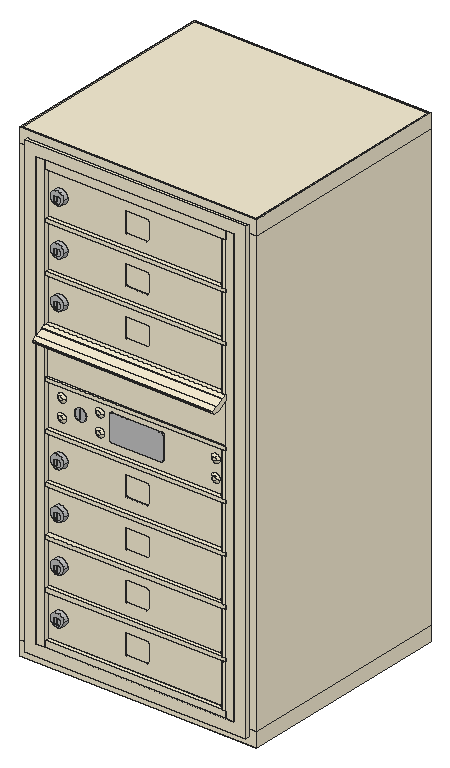
Revit family "Mailboxes_4C-Salsbury_Industries-Surface_Mounted-9_Door_High_Units", category Specialty Equipment, Revit 2016
Family settings
  Part Type = Normal
  Round Connector Dimension = Use Diameter
  OmniClass Number = 23.40.90.14.11
  OmniClass Title = Mail Boxes
  Work Plane-Based = No
  Always vertical = Yes
  Cut with Voids When Loaded = No
  Shared = No
  Room Calculation Point = No
Parameters (values of type "3809S-07")
  Width = 17.496"
  Visible Door Number [instance] = yes
  Version = "1.0 (06/30/17)"
  URL = "www.mailboxes.com"
  Type Comments = "Surface Mounted 4C Horizontal Mailboxes - Front Loading"
  OmniClass 23 Title = "Mail Boxes"
  OmniClass 23 Number = "23.40.90.14.11"
  Model = "3809S-07"
  MasterFormat Title = "Postal Specialties"
  MasterFormat Number = "10 55 00"
  Manufacturer = "Salsbury Industries"
  Lock Material = Stainless Steel - Salsbury Finish -  Polished
  Height = 35.094"
  Front Panel Material [instance] = Paint - Salsbury Finish - Sandstone
  Door Slot R9 Number [instance] = "7"
  Door Slot R8 Number [instance] = "6"
  Door Slot R7 Number [instance] = "5"
  Door Slot R6 Number [instance] = "4"
  Door Slot R5 Number [instance] = "0"
  Door Slot R4 Number [instance] = "0"
  Door Slot R3 Number [instance] = "3"
  Door Slot R2 Number [instance] = "2"
  Door Slot R1 Number [instance] = "1"
  Door Slot L9 Number [instance] = "0"
  Door Slot L8 Number [instance] = "0"
  Door Slot L7 Number [instance] = "0"
  Door Slot L6 Number [instance] = "0"
  Door Slot L5 Number [instance] = "0"
  Door Slot L4 Number [instance] = "0"
  Door Slot L3 Number [instance] = "0"
  Door Slot L2 Number [instance] = "0"
  Door Slot L1 Number [instance] = "0"
  Description = "9 Door High Unit:  7 MB1, OM2"
  Depth = 17.500"
  Assembly Description = "Mailboxes"
  Assembly Code = "C1030910"
  Above Finished Floor (Top of Bottom Shelf) [instance] = [Above Finished Floor (Bottom of Unit)] + 1.880"  # 28.000"
  Above Finished Floor (Bottom of Unit) = 26.120"
  4C Unit Height = 34.000"
  4C Unit Elevation = if([Above Finished Floor (Bottom of Unit)] < 13.683", [Above Finished Floor (Bottom of Unit)] + 0.563", (if([Above Finished Floor (Bottom of Unit)] > 13.683", [Above Finished Floor (Bottom of Unit)] + 0.563", [Above Finished Floor (Bottom of Unit)])))  # 26.683"
  4C Unit = Mailboxes_4C-Salsbury_Industries-Front_Load-9_Door_High_Units : 3709S-07 FL
Reference planes (in)
  plane 1 "Center (Front/Back)": y = 0
  plane 2 "Floor": z = 0
  plane 3 "Center (Left/Right)": x = 0
  plane 4 "Left Side of Unit": x = 8.748
  plane 5 "Right Side of Unit": x = -8.748
  plane 6 "Front of Unit": y = -8.75
  plane 7 "Back of Unit": y = 8.75
  plane 8 "Top of Unit": z = 61.214
  plane 9 "Top Trim Line of 4C Unit": z = 60.683
  plane 10 "Left Trim Line of Enclosure": x = 7.6855
  plane 11 "Right Trim Line of Enclosure": x = -7.685
  plane 12 "Alignment of 4C Unit": y = -7.375
  plane 13: x = -8.667
  plane 14: x = 8.667
  plane 15: y = 8.669
  plane 16: y = -7.294
  plane 17: x = -8.667
  plane 18: x = 8.667
  plane 19: y = -7.294
  plane 20: y = 8.669
  plane 21: x = -8.667
  plane 22: x = 8.667
  plane 23: y = 8.669
  plane 24: y = -7.294
  plane 25 "Bottom Trim Line of 4C Unit": z = 26.683
  plane 26 "4C Unit Side Alignment": x = -8.186
  plane 27: z = 26.201
  plane 28 "Bottom of Unit": z = 26.12
  plane 29 "Top of Bottom Cap": z = 27.183
  plane 30 "AFF": z = 28
  plane 31: z = 61.133
  plane 32 "Bottom of Top Cap": z = 60.152
Forms (in)
  Extrusion 1, solid, material "Paint - Salsbury Finish - Sandstone" <- "Front Panel Material"
    sketch origin (0, 0, 1.5) x (0, 1, 0) y (-1, 0, 0)
      loop
        line (-7.375, 7.685) -> (-7.294, 7.685) -> (-7.294, 8.667) -> (8.669, 8.667) -> (8.669, -8.667) -> (-7.294, -8.667) -> (-7.294, -7.6855) -> (-7.375, -7.6855) -> (-7.375, -8.748) -> (8.75, -8.748) -> (8.75, 8.748) -> (-7.375, 8.748) -> (-7.375, 7.685)
    from 25.683 to 58.652
  Extrusion 2, solid, material "Paint - Salsbury Finish - Sandstone" <- "Front Panel Material"
    sketch origin (0, 0, 26.12) x (0, -1, 0) y (1, 0, 0)
      loop
        line (-8.75, -8.748) -> (7.375, -8.748) -> (7.375, 8.748) -> (-8.75, 8.748) -> (-8.75, -8.748)
      loop
        line (-8.669, -8.667) -> (7.294, -8.667) -> (7.294, 8.667) -> (-8.669, 8.667) -> (-8.669, -8.667)
    from 0 to 1.063
  Extrusion 3, solid, material "Paint - Salsbury Finish - Sandstone" <- "Front Panel Material"
    sketch origin (0, 0, 26.12) x (0, -1, 0) y (1, 0, 0)
      loop
        line (-8.669, -8.667) -> (7.294, -8.667) -> (7.294, 8.667) -> (-8.669, 8.667) -> (-8.669, -8.667)
    from 0 to 0.081
  Extrusion 4, solid, material "Paint - Salsbury Finish - Sandstone" <- "Front Panel Material"
    sketch origin (0, 0, 61.214) x (0, -1, 0) y (1, 0, 0)
      loop
        line (-8.669, -8.667) -> (7.294, -8.667) -> (7.294, 8.667) -> (-8.669, 8.667) -> (-8.669, -8.667)
    from -0.081 to 0
  Extrusion 5, solid, material "Paint - Salsbury Finish - Sandstone" <- "Front Panel Material"
    sketch origin (0, 0, 60.152) x (0, -1, 0) y (1, 0, 0)
      loop
        line (-8.75, -8.748) -> (7.375, -8.748) -> (7.375, 8.748) -> (-8.75, 8.748) -> (-8.75, -8.748)
      loop
        line (-8.669, -8.667) -> (7.294, -8.667) -> (7.294, 8.667) -> (-8.669, 8.667) -> (-8.669, -8.667)
    from 0 to 1.062
Lines and regions (in)
  symbolic lines
    curve 1: line (-8.748, 8.75, 0) -> (8.748, 8.75, 0)
    curve 2: line (-8.748, -7.375, 0) -> (-8.748, 8.75, 0)
    curve 3: line (8.748, -7.375, 0) -> (-8.748, -7.375, 0)
    curve 4: line (8.748, 8.75, 0) -> (8.748, -7.375, 0)
    curve 5: line (0, -7.375, 60.68373) -> (0, 8.75, 60.68373)
    curve 6: line (0, -7.375, 27.183) -> (0, 8.75, 27.183)
    curve 7: line (0, 8.75, 46.76571) -> (0, 8.75, 60.68373)
    curve 8: arc (0, 8.75, 46.76571) -> (0, 8.72754, 46.83373) -> (0, 8.669, 46.875) r 0.11423
    curve 9: line (-8.748, 0, 61.214) -> (8.748, 0, 61.214)
    curve 10: line (-8.748, 0, 26.12) -> (-8.748, 0, 61.214)
    curve 11: line (8.748, 0, 26.12) -> (-8.748, 0, 26.12)
    curve 12: line (8.748, 0, 61.214) -> (8.748, 0, 26.12)
    curve 13: line (0, -7.375, 61.214) -> (0, 8.75, 61.214)
    curve 14: line (0, -7.375, 26.12) -> (0, -7.375, 61.214)
    curve 15: line (0, 8.75, 26.12) -> (0, -7.375, 26.12)
    curve 16: line (0, 8.75, 61.214) -> (0, 8.75, 26.12)
Dimensions and locks (in)
  equal spacing: plane 6 "Front of Unit", plane 1 "Center (Front/Back)", plane 7 "Back of Unit"
  "Depth": plane 6 "Front of Unit" to plane 7 "Back of Unit"
  equal spacing: plane 5 "Right Side of Unit", plane 3 "Center (Left/Right)", plane 4 "Left Side of Unit"
  "Width": plane 5 "Right Side of Unit" to plane 4 "Left Side of Unit"
  plane 2 "Floor" to plane 8 "Top of Unit" = 61.214"  (x2)
  locked: plane 5 "Right Side of Unit" to plane 11 "Right Trim Line of Enclosure" at 1.063
  locked: plane 10 "Left Trim Line of Enclosure" to plane 4 "Left Side of Unit" at 1.0625
  plane 9 "Top Trim Line of 4C Unit" to plane 8 "Top of Unit" = 0.531"  (x2)
  plane 6 "Front of Unit" to plane 12 "Alignment of 4C Unit" = 1.375"
  plane 5 "Right Side of Unit" to plane 13 = 0.081"
  plane 15 to plane 7 "Back of Unit" = 0.081"
  plane 14 to plane 4 "Left Side of Unit" = 0.081"
  plane 12 "Alignment of 4C Unit" to plane 16 = 0.081"
  plane 20 to plane 7 "Back of Unit" = 0.081"
  plane 5 "Right Side of Unit" to plane 17 = 0.081"
  plane 18 to plane 4 "Left Side of Unit" = 0.081"
  plane 12 "Alignment of 4C Unit" to plane 19 = 0.081"
  plane 12 "Alignment of 4C Unit" to plane 24 = 0.081"
  plane 22 to plane 4 "Left Side of Unit" = 0.081"
  plane 5 "Right Side of Unit" to plane 21 = 0.081"
  plane 23 to plane 7 "Back of Unit" = 0.081"
  "Height": plane 8 "Top of Unit" to plane 28 "Bottom of Unit"
  "4C Unit Height": plane 9 "Top Trim Line of 4C Unit" to plane 25 "Bottom Trim Line of 4C Unit"
  plane 29 "Top of Bottom Cap" to plane 25 "Bottom Trim Line of 4C Unit" to plane 27 to plane 28 "Bottom of Unit" = 0.500", 0.482", 0.081" locked
  "Above Finished Floor (Bottom of Unit)": plane 28 "Bottom of Unit" to plane 2 "Floor"
  "Above Finished Floor (Top of Bottom Shelf)": plane 30 "AFF" to plane 2 "Floor"
  plane 8 "Top of Unit" to plane 31 to plane 9 "Top Trim Line of 4C Unit" to plane 32 "Bottom of Top Cap" = 0.081", 0.450", 0.531"
  plane 5 "Right Side of Unit" to plane 26 "4C Unit Side Alignment" = 0.562"
  aligned and locked: level to plane 2 "Floor"
  aligned and locked: Extrusion 2 sketch curve to Extrusion 1  (x4)
  aligned and locked: Extrusion 3 sketch curve to Extrusion 1  (x3)
  aligned and locked: plane 11 "Right Trim Line of Enclosure" to Extrusion 1 sketch curve
  aligned and locked: Extrusion 1 sketch curve to plane 16
  aligned and locked: Extrusion 1 sketch curve to plane 12 "Alignment of 4C Unit"  (x2)
  aligned and locked: Extrusion 1 sketch curve to plane 5 "Right Side of Unit"
  aligned and locked: plane 13 to Extrusion 1 sketch curve
  aligned and locked: Extrusion 1 sketch curve to plane 15
  aligned and locked: plane 7 "Back of Unit" to Extrusion 1 sketch curve
  aligned and locked: plane 4 "Left Side of Unit" to Extrusion 1 sketch curve
  aligned and locked: Extrusion 1 sketch curve to plane 14
  aligned and locked: plane 16 to Extrusion 1 sketch curve
  aligned and locked: plane 10 "Left Trim Line of Enclosure" to Extrusion 1 sketch curve
  aligned and locked: plane 18 to Extrusion 2 sketch curve
  aligned and locked: Extrusion 2 sketch curve to plane 17
  aligned and locked: plane 20 to Extrusion 2 sketch curve
  aligned and locked: curve 1 to Extrusion 1
  aligned and locked: curve 2 to Extrusion 1
  aligned and locked: curve 4 to Extrusion 1
  aligned and locked: plane 12 "Alignment of 4C Unit" to Extrusion 1
  aligned and locked: Extrusion 1 to curve 6
  aligned and locked: plane 7 "Back of Unit" to curve 6
  aligned and locked: plane 12 "Alignment of 4C Unit" to curve 6
  aligned and locked: plane 28 "Bottom of Unit" to Extrusion 3
  aligned and locked: Extrusion 2 to Extrusion 3
  aligned and locked: Extrusion 2 to plane 29 "Top of Bottom Cap"
  aligned and locked: Extrusion 3 to plane 27
  aligned and locked: Extrusion 1 to Extrusion 2
  aligned and locked: Extrusion 4 to plane 8 "Top of Unit"
  aligned and locked: plane 31 to Extrusion 4
  aligned and locked: Extrusion 1 to Extrusion 4
  aligned and locked: plane 21 to Extrusion 4
  aligned and locked: Extrusion 1 to plane 32 "Bottom of Top Cap"
  aligned and locked: Extrusion 5 sketch curve to Extrusion 1  (x6)
  aligned and locked: Extrusion 5 sketch curve to Extrusion 2  (x2)
  aligned and locked: Extrusion 5 to plane 8 "Top of Unit"
  aligned and locked: Extrusion 5 to Extrusion 1
  aligned and locked: plane 4 "Left Side of Unit" to curve 12
  aligned and locked: curve 11 to plane 28 "Bottom of Unit"
  aligned and locked: curve 10 to plane 5 "Right Side of Unit"
  aligned and locked: plane 8 "Top of Unit" to curve 9
  aligned and locked: plane 7 "Back of Unit" to curve 16
  aligned and locked: curve 15 to plane 28 "Bottom of Unit"
  aligned and locked: plane 8 "Top of Unit" to curve 13
  aligned and locked: curve 14 to plane 12 "Alignment of 4C Unit"
  aligned and locked: plane 26 "4C Unit Side Alignment" to nested 1
Automatic sketch dimensions
  plane 12 "Alignment of 4C Unit" to curve 3 = 0.000"
  plane 24 to Extrusion 3 sketch curve = 0.000"
  Extrusion 4 sketch curve to plane 22 = 0.000"
  plane 23 to Extrusion 4 sketch curve = 0.000"
  Extrusion 4 sketch curve to plane 21 = 0.000"
  plane 24 to Extrusion 4 sketch curve = 0.000"
  plane 19 to Extrusion 2 sketch curve = 0.000"
  curve 8 to plane 23 = 0.000"
  curve 8 to plane 7 "Back of Unit" = 0.000"
  plane 23 to curve 8 = 0.03323"
  plane 32 "Bottom of Top Cap" to curve 8 = 13.38629"
  curve 5 to plane 9 "Top Trim Line of 4C Unit" = 0.00073"
Nested families (in)
  nested 1: "Mailboxes_4C-Salsbury_Industries-Front_Load-9_Door_High_Units" at (7.36283, -7.375, 0) x (-1, 0, 0) z (0, 0, 1), built-in parameter 1001360 <- "4C Unit Elevation", type <- "4C Unit", Front Panel Material <- "Front Panel Material", Visible Door Number <- "Visible Door Number", Door Slot L1 Number <- "Door Slot L1 Number", Door Slot L2 Number <- "Door Slot L2 Number", Door Slot L3 Number <- "Door Slot L3 Number", Door Slot L4 Number <- "Door Slot L4 Number", Door Slot L5 Number <- "Door Slot L5 Number", Door Slot L6 Number <- "Door Slot L6 Number", Door Slot L7 Number <- "Door Slot L7 Number", Door Slot L8 Number <- "Door Slot L8 Number", Door Slot L9 Number <- "Door Slot L9 Number", Door Slot R1 Number <- "Door Slot R1 Number", Door Slot R2 Number <- "Door Slot R2 Number", Door Slot R3 Number <- "Door Slot R3 Number", Door Slot R4 Number <- "Door Slot R4 Number", Door Slot R5 Number <- "Door Slot R5 Number", Door Slot R6 Number <- "Door Slot R6 Number", Door Slot R7 Number <- "Door Slot R7 Number", Door Slot R8 Number <- "Door Slot R8 Number", Door Slot R9 Number <- "Door Slot R9 Number", type "3709S-07 FL"
    with Visible Door Number yes, Front Panel Material Paint - Salsbury Finish - Sandstone, Door Slot R9 Number "7", Door Slot R8 Number "6", Door Slot R7 Number "5", Door Slot R6 Number "4", Door Slot R5 Number "0", Door Slot R4 Number "0", Door Slot R3 Number "3", Door Slot R2 Number "2", Door Slot R1 Number "1", Door Slot L9 Number "0", Door Slot L8 Number "0", Door Slot L7 Number "0", Door Slot L6 Number "0", Door Slot L5 Number "0", Door Slot L4 Number "0", Door Slot L3 Number "0", Door Slot L2 Number "0", Door Slot L1 Number "0", built-in parameter 1001320 0.000"
Definition of nested family "Mailboxes_4C-Salsbury_Industries-Front_Load-9_Door_High_Units"
  Parameters (values of type "3709S-07 FL")
    Width = 16.344"
    URL = "www.mailboxes.com"
    OmniClass 23 Title = "Mail Boxes"
    OmniClass 23 Number = "23.40.90.14.11"
    Visible Door Number [instance] = yes
    Vertical Center Divider = no
    Version = "3.0 (06/30/17)"
    Type Comments = "4C Standard Horizontal Mailbox - Front Loading"
    Top Back Plate = yes
    Right Inside Wall = yes
    Model = "3709S-07 FL"
    MasterFormat Title = "Postal Specialties"
    MasterFormat Number = "10 55 00"
    Manufacturer = "Salsbury Industries"
    Mail Door Symbollic = yes
    Lock Material = none
    Left Inside Wall = yes
    Keynote = ""
    Height = 34.000"
    Front Panel Material [instance] = none
    Door Slot R9 Number [instance] = "7"
    Door Slot R9 = 3700 Series 4C Door Configurations : MB1 Door w/ Divider
    Door Slot R8 Number [instance] = "6"
    Door Slot R8 = 3700 Series 4C Door Configurations : MB1 Door w/ Divider
    Door Slot R7 Number [instance] = "5"
    Door Slot R7 = 3700 Series 4C Door Configurations : MB1 Door w/ Divider
    Door Slot R6 Number [instance] = "4"
    Door Slot R6 = 3700 Series 4C Door Configurations : MB1 Door w/ Divider
    Door Slot R5 Number [instance] = "0"
    Door Slot R5 = 3700 Series 4C OM2 Configuration : OM2-FL
    Door Slot R4 Number [instance] = "0"
    Door Slot R4 = 3700 Series 4C Door Configurations : Empty
    Door Slot R3 Number [instance] = "3"
    Door Slot R3 = 3700 Series 4C Door Configurations : MB1 Door w/ Divider
    Door Slot R2 Number [instance] = "2"
    Door Slot R2 = 3700 Series 4C Door Configurations : MB1 Door w/ Divider
    Door Slot R1 Number [instance] = "1"
    Door Slot R1 = 3700 Series 4C Door Configurations : MB1 Door
    Door Slot L9 Number [instance] = "0"
    Door Slot L9 = 3700 Series 4C Door Configurations : Empty
    Door Slot L8 Number [instance] = "0"
    Door Slot L8 = 3700 Series 4C Door Configurations : Empty
    Door Slot L7 Number [instance] = "0"
    Door Slot L7 = 3700 Series 4C Door Configurations : Empty
    Door Slot L6 Number [instance] = "0"
    Door Slot L6 = 3700 Series 4C Door Configurations : Empty
    Door Slot L5 Number [instance] = "0"
    Door Slot L5 = 3700 Series 4C Door Configurations : Empty
    Door Slot L4 Number [instance] = "0"
    Door Slot L4 = 3700 Series 4C Door Configurations : Empty
    Door Slot L3 Number [instance] = "0"
    Door Slot L3 = 3700 Series 4C Door Configurations : Empty
    Door Slot L2 Number [instance] = "0"
    Door Slot L2 = 3700 Series 4C Door Configurations : Empty
    Door Slot L1 Number [instance] = "0"
    Door Slot L1 = 3700 Series 4C Door Configurations : Empty
    Description = "9 Door High Unit:  7 MB1, OM2"
    Depth = 17.025"
    Default Elevation [instance] = 48.000"
    Center Extrusion Offset = 0.000"
    Bottom Back Plate = yes
    Back Enclosure Material = none
    Assembly Description = "Mailboxes"
    Assembly Code = "C1030910"
  Types (13): name | Width | Vertical Center Divider | Type Comments | Top Back Plate | Right Inside Wall | Model | Mail Door Symbollic | Left Inside Wall | Door Slot R9 Number | Door Slot R9 | Door Slot R8 Number | Door Slot R8 | Door Slot R7 Number | Door Slot R7 | Door Slot R6 Number | Door Slot R6 | Door Slot R5 | Door Slot R4 Number | Door Slot R4 | Door Slot R3 Number | Door Slot R3 | Door Slot R2 Number | Door Slot R2 | Door Slot R1 Number | Door Slot R1 | Door Slot L9 Number | Door Slot L9 | Door Slot L8 Number | Door Slot L8 | Door Slot L7 Number | Door Slot L7 | Door Slot L6 Number | Door Slot L6 | Door Slot L5 Number | Door Slot L5 | Door Slot L4 Number | Door Slot L4 | Door Slot L3 Number | Door Slot L3 | Door Slot L2 Number | Door Slot L2 | Door Slot L1 Number | Door Slot L1 | Description | Center Extrusion Offset | Bottom Back Plate
    3709S-1B FL | 16.344" | no | "4C Horizontal Receptacle Bin - Front Loading" | no | no | "3709S-1B FL" | no | no | "0" | 4C-9 Door High Receptacle : 4C-9 Door High Receptacle | "0" | 3700 Series 4C Door Configurations : Empty | "0" | 3700 Series 4C Door Configurations : Empty | "0" | 3700 Series 4C Door Configurations : Empty | 3700 Series 4C Door Configurations : Empty | "0" | 3700 Series 4C Door Configurations : Empty | "0" | 3700 Series 4C Door Configurations : Empty | "0" | 3700 Series 4C Door Configurations : Empty | "0" | 3700 Series 4C Door Configurations : Empty | "0" | 3700 Series 4C Door Configurations : Empty | "0" | 3700 Series 4C Door Configurations : Empty | "0" | 3700 Series 4C Door Configurations : Empty | "0" | 3700 Series 4C Door Configurations : Empty | "0" | 3700 Series 4C Door Configurations : Empty | "0" | 3700 Series 4C Door Configurations : Empty | "0" | 3700 Series 4C Door Configurations : Empty | "0" | 3700 Series 4C Door Configurations : Empty | "0" | 3700 Series 4C Door Configurations : Empty | "9 Door High Unit" | 48.000" | no
    3709S-1C FL | 16.344" | no | "4C Horizontal Collection Box - Front Loading" | no | no | "3709S-1C FL" | no | no | "0" | 4C-9 Door High Collection Box : 4C-9 Door High Collection Box | "0" | 3700 Series 4C Door Configurations : Empty | "0" | 3700 Series 4C Door Configurations : Empty | "0" | 3700 Series 4C Door Configurations : Empty | 3700 Series 4C Door Configurations : Empty | "0" | 3700 Series 4C Door Configurations : Empty | "0" | 3700 Series 4C Door Configurations : Empty | "0" | 3700 Series 4C Door Configurations : Empty | "0" | 3700 Series 4C Door Configurations : Empty | "0" | 3700 Series 4C Door Configurations : Empty | "0" | 3700 Series 4C Door Configurations : Empty | "0" | 3700 Series 4C Door Configurations : Empty | "0" | 3700 Series 4C Door Configurations : Empty | "0" | 3700 Series 4C Door Configurations : Empty | "0" | 3700 Series 4C Door Configurations : Empty | "0" | 3700 Series 4C Door Configurations : Empty | "0" | 3700 Series 4C Door Configurations : Empty | "0" | 3700 Series 4C Door Configurations : Empty | "9 Door High Unit" | 48.000" | no
    3709D-16 FL | 31.09766" | yes | "4C Standard Horizontal Mailbox - Front Loading" | yes | yes | "3709D-16 FL" | yes | yes | "16" | 3700 Series 4C Door Configurations : MB1 Door w/ Divider | "15" | 3700 Series 4C Door Configurations : MB1 Door w/ Divider | "14" | 3700 Series 4C Door Configurations : MB1 Door w/ Divider | "13" | 3700 Series 4C Door Configurations : MB1 Door w/ Divider | 3700 Series 4C OM2 Configuration : OM2-FL | "0" | 3700 Series 4C Door Configurations : Empty | "12" | 3700 Series 4C Door Configurations : MB1 Door w/ Divider | "11" | 3700 Series 4C Door Configurations : MB1 Door w/ Divider | "10" | 3700 Series 4C Door Configurations : MB1 Door | "9" | 3700 Series 4C Door Configurations : MB1 Door w/ Divider | "8" | 3700 Series 4C Door Configurations : MB1 Door w/ Divider | "7" | 3700 Series 4C Door Configurations : MB1 Door w/ Divider | "6" | 3700 Series 4C Door Configurations : MB1 Door w/ Divider | "5" | 3700 Series 4C Door Configurations : MB1 Door w/ Divider | "4" | 3700 Series 4C Door Configurations : MB1 Door w/ Divider | "3" | 3700 Series 4C Door Configurations : MB1 Door w/ Divider | "2" | 3700 Series 4C Door Configurations : MB1 Door w/ Divider | "1" | 3700 Series 4C Door Configurations : MB1 Door | "9 Door High Unit:  16 MB1, OM2" | 0.000" | yes
    3709S-07 FL | 16.344" | no | "4C Standard Horizontal Mailbox - Front Loading" | yes | yes | "3709S-07 FL" | yes | yes | "7" | 3700 Series 4C Door Configurations : MB1 Door w/ Divider | "6" | 3700 Series 4C Door Configurations : MB1 Door w/ Divider | "5" | 3700 Series 4C Door Configurations : MB1 Door w/ Divider | "4" | 3700 Series 4C Door Configurations : MB1 Door w/ Divider | 3700 Series 4C OM2 Configuration : OM2-FL | "0" | 3700 Series 4C Door Configurations : Empty | "3" | 3700 Series 4C Door Configurations : MB1 Door w/ Divider | "2" | 3700 Series 4C Door Configurations : MB1 Door w/ Divider | "1" | 3700 Series 4C Door Configurations : MB1 Door | "0" | 3700 Series 4C Door Configurations : Empty | "0" | 3700 Series 4C Door Configurations : Empty | "0" | 3700 Series 4C Door Configurations : Empty | "0" | 3700 Series 4C Door Configurations : Empty | "0" | 3700 Series 4C Door Configurations : Empty | "0" | 3700 Series 4C Door Configurations : Empty | "0" | 3700 Series 4C Door Configurations : Empty | "0" | 3700 Series 4C Door Configurations : Empty | "0" | 3700 Series 4C Door Configurations : Empty | "9 Door High Unit:  7 MB1, OM2" | 0.000" | yes
    3709D-15 FL | 31.09766" | yes | "4C Standard Horizontal Mailbox - Front Loading" | yes | yes | "3709D-15 FL" | yes | yes | "15" | 3700 Series 4C Door Configurations : MB1 Door w/ Divider | "14" | 3700 Series 4C Door Configurations : MB1 Door w/ Divider | "13" | 3700 Series 4C Door Configurations : MB1 Door w/ Divider | "0" | 3700 Series 4C OM3 Configuration : OM3-FL | 3700 Series 4C Door Configurations : Empty | "0" | 3700 Series 4C Door Configurations : Empty | "12" | 3700 Series 4C Door Configurations : MB1 Door w/ Divider | "11" | 3700 Series 4C Door Configurations : MB1 Door w/ Divider | "10" | 3700 Series 4C Door Configurations : MB1 Door | "9" | 3700 Series 4C Door Configurations : MB1 Door w/ Divider | "8" | 3700 Series 4C Door Configurations : MB1 Door w/ Divider | "7" | 3700 Series 4C Door Configurations : MB1 Door w/ Divider | "6" | 3700 Series 4C Door Configurations : MB1 Door w/ Divider | "5" | 3700 Series 4C Door Configurations : MB1 Door w/ Divider | "4" | 3700 Series 4C Door Configurations : MB1 Door w/ Divider | "3" | 3700 Series 4C Door Configurations : MB1 Door w/ Divider | "2" | 3700 Series 4C Door Configurations : MB1 Door w/ Divider | "1" | 3700 Series 4C Door Configurations : MB1 Door | "9 Door High Unit:  15 MB1, OM3" | 0.000" | yes
    3709D-10 FL | 31.09766" | yes | "4C Standard Horizontal Mailbox - Front Loading" | yes | yes | "3709D-10 FL" | yes | yes | "10" | 3700 Series 4C Door Configurations : MB1 Door w/ Divider | "9" | 3700 Series 4C Door Configurations : MB1 Door w/ Divider | "8" | 3700 Series 4C Door Configurations : MB1 Door w/ Divider | "7" | 3700 Series 4C Door Configurations : MB1 Door w/ Divider | 3700 Series 4C OM2 Configuration : OM2-FL | "0" | 3700 Series 4C Door Configurations : Empty | "6" | 3700 Series 4C Door Configurations : MB1 Door w/ Divider | "5" | 3700 Series 4C Door Configurations : MB1 Door w/ Divider | "4" | 3700 Series 4C Door Configurations : MB1 Door | "1P" | 3700 Series 4C Parcel Configurations : PL6 w/ Divider | "0" | 3700 Series 4C Door Configurations : Empty | "0" | 3700 Series 4C Door Configurations : Empty | "0" | 3700 Series 4C Door Configurations : Empty | "0" | 3700 Series 4C Door Configurations : Empty | "0" | 3700 Series 4C Door Configurations : Empty | "3" | 3700 Series 4C Door Configurations : MB1 Door w/ Divider | "2" | 3700 Series 4C Door Configurations : MB1 Door w/ Divider | "1" | 3700 Series 4C Door Configurations : MB1 Door | "9 Door High Unit:  10 MB1, 1 PL6, OM2" | 0.000" | yes
    3709D-06 FL | 31.09766" | yes | "4C Standard Horizontal Mailbox - Front Loading" | yes | yes | "3709D-06 FL" | yes | yes | "6" | 3700 Series 4C Door Configurations : MB3 Door w/ Divider | "0" | 3700 Series 4C Door Configurations : Empty | "0" | 3700 Series 4C Door Configurations : Empty | "5" | 3700 Series 4C Door Configurations : MB1 Door w/ Divider | 3700 Series 4C OM2 Configuration : OM2-FL | "0" | 3700 Series 4C Door Configurations : Empty | "4" | 3700 Series 4C Door Configurations : MB3 Door | "0" | 3700 Series 4C Door Configurations : Empty | "0" | 3700 Series 4C Door Configurations : Empty | "3" | 3700 Series 4C Door Configurations : MB3 Door w/ Divider | "0" | 3700 Series 4C Door Configurations : Empty | "0" | 3700 Series 4C Door Configurations : Empty | "2" | 3700 Series 4C Door Configurations : MB3 Door w/ Divider | "0" | 3700 Series 4C Door Configurations : Empty | "0" | 3700 Series 4C Door Configurations : Empty | "1" | 3700 Series 4C Door Configurations : MB3 Door | "0" | 3700 Series 4C Door Configurations : Empty | "0" | 3700 Series 4C Door Configurations : Empty | "9 Door High Unit:  1 MB1, 5 MB3, OM2" | 0.000" | yes
    3709D-05 FL | 31.09766" | yes | "4C Standard Horizontal Mailbox - Front Loading" | yes | yes | "3709D-05 FL" | yes | yes | "5" | 3700 Series 4C Door Configurations : MB3 Door w/ Divider | "0" | 3700 Series 4C Door Configurations : Empty | "0" | 3700 Series 4C Door Configurations : Empty | "0" | 3700 Series 4C OM3 Configuration : OM3-FL | 3700 Series 4C Door Configurations : Empty | "0" | 3700 Series 4C Door Configurations : Empty | "4" | 3700 Series 4C Door Configurations : MB3 Door | "0" | 3700 Series 4C Door Configurations : Empty | "0" | 3700 Series 4C Door Configurations : Empty | "3" | 3700 Series 4C Door Configurations : MB3 Door w/ Divider | "0" | 3700 Series 4C Door Configurations : Empty | "0" | 3700 Series 4C Door Configurations : Empty | "2" | 3700 Series 4C Door Configurations : MB3 Door w/ Divider | "0" | 3700 Series 4C Door Configurations : Empty | "0" | 3700 Series 4C Door Configurations : Empty | "1" | 3700 Series 4C Door Configurations : MB3 Door | "0" | 3700 Series 4C Door Configurations : Empty | "0" | 3700 Series 4C Door Configurations : Empty | "9 Door High Unit:  5 MB3, OM3" | 0.000" | yes
    3709D-03 FL | 31.09766" | yes | "4C Standard Horizontal Mailbox - Front Loading" | yes | yes | "3709D-03 FL" | yes | yes | "3" | 3700 Series 4C Door Configurations : MB3 Door w/ Divider | "0" | 3700 Series 4C Door Configurations : Empty | "0" | 3700 Series 4C Door Configurations : Empty | "0" | 3700 Series 4C OM3 Configuration : OM3-FL | 3700 Series 4C Door Configurations : Empty | "0" | 3700 Series 4C Door Configurations : Empty | "2" | 3700 Series 4C Door Configurations : MB3 Door | "0" | 3700 Series 4C Door Configurations : Empty | "0" | 3700 Series 4C Door Configurations : Empty | "1P" | 3700 Series 4C Parcel Configurations : PL6 w/ Divider | "0" | 3700 Series 4C Door Configurations : Empty | "0" | 3700 Series 4C Door Configurations : Empty | "0" | 3700 Series 4C Door Configurations : Empty | "0" | 3700 Series 4C Door Configurations : Empty | "0" | 3700 Series 4C Door Configurations : Empty | "1" | 3700 Series 4C Door Configurations : MB3 Door | "0" | 3700 Series 4C Door Configurations : Empty | "0" | 3700 Series 4C Door Configurations : Empty | "9 Door High Unit:  3 MB3, 1 PL6, OM3" | 0.000" | yes
    3709D-4P FL | 31.09766" | yes | "4C Standard Horizontal Mailbox - Front Loading" | yes | yes | "3709D-4P FL" | no | yes | "4P" | 3700 Series 4C Parcel Configurations : PL5 w/ Divider | "0" | 3700 Series 4C Door Configurations : Empty | "0" | 3700 Series 4C Door Configurations : Empty | "0" | 3700 Series 4C Door Configurations : Empty | 3700 Series 4C Door Configurations : Empty | "3P" | 3700 Series 4C Parcel Configurations : PL4 | "0" | 3700 Series 4C Door Configurations : Empty | "0" | 3700 Series 4C Door Configurations : Empty | "0" | 3700 Series 4C Door Configurations : Empty | "2P" | 3700 Series 4C Parcel Configurations : PL5 w/ Divider | "0" | 3700 Series 4C Door Configurations : Empty | "0" | 3700 Series 4C Door Configurations : Empty | "0" | 3700 Series 4C Door Configurations : Empty | "0" | 3700 Series 4C Door Configurations : Empty | "1P" | 3700 Series 4C Parcel Configurations : PL4 | "0" | 3700 Series 4C Door Configurations : Empty | "0" | 3700 Series 4C Door Configurations : Empty | "0" | 3700 Series 4C Door Configurations : Empty | "9 Door High Unit:  2 PL4, 2 PL5" | 0.000" | yes
    3709S-02 FL | 16.344" | no | "4C Standard Horizontal Mailbox - Front Loading" | yes | yes | "3709S-02 FL" | yes | yes | "1P" | 3700 Series 4C Parcel Configurations : PL5 w/ Divider | "0" | 3700 Series 4C Door Configurations : Empty | "0" | 3700 Series 4C Door Configurations : Empty | "0" | 3700 Series 4C Door Configurations : Empty | 3700 Series 4C Door Configurations : Empty | "0" | 3700 Series 4C OM2 Configuration : OM2-FL | "0" | 3700 Series 4C Door Configurations : Empty | "2" | 3700 Series 4C Door Configurations : MB1 Door w/ Divider | "1" | 3700 Series 4C Door Configurations : MB1 Door | "0" | 3700 Series 4C Door Configurations : Empty | "0" | 3700 Series 4C Door Configurations : Empty | "0" | 3700 Series 4C Door Configurations : Empty | "0" | 3700 Series 4C Door Configurations : Empty | "0" | 3700 Series 4C Door Configurations : Empty | "0" | 3700 Series 4C Door Configurations : Empty | "0" | 3700 Series 4C Door Configurations : Empty | "0" | 3700 Series 4C Door Configurations : Empty | "0" | 3700 Series 4C Door Configurations : Empty | "9 Door High Unit:  2 MB1, 1 PL5, OM2" | 0.000" | yes
    3709S-2P FL | 16.344" | no | "4C Standard Horizontal Mailbox - Front Loading" | yes | yes | "3709S-2P FL" | no | yes | "2P" | 3700 Series 4C Parcel Configurations : PL5 w/ Divider | "0" | 3700 Series 4C Door Configurations : Empty | "0" | 3700 Series 4C Door Configurations : Empty | "0" | 3700 Series 4C Door Configurations : Empty | 3700 Series 4C Door Configurations : Empty | "1P" | 3700 Series 4C Parcel Configurations : PL4 | "0" | 3700 Series 4C Door Configurations : Empty | "0" | 3700 Series 4C Door Configurations : Empty | "0" | 3700 Series 4C Door Configurations : Empty | "0" | 3700 Series 4C Door Configurations : Empty | "0" | 3700 Series 4C Door Configurations : Empty | "0" | 3700 Series 4C Door Configurations : Empty | "0" | 3700 Series 4C Door Configurations : Empty | "0" | 3700 Series 4C Door Configurations : Empty | "0" | 3700 Series 4C Door Configurations : Empty | "0" | 3700 Series 4C Door Configurations : Empty | "0" | 3700 Series 4C Door Configurations : Empty | "0" | 3700 Series 4C Door Configurations : Empty | "9 Door High Unit:  1 PL4, 1 PL5" | 0.000" | yes
    3709D-04 FL | 31.09766" | yes | "4C Standard Horizontal Mailbox - Front Loading" | yes | yes | "3709D-04 FL" | yes | yes | "4" | 3700 Series 4C Door Configurations : MB3 Door w/ Divider | "0" | 3700 Series 4C Door Configurations : Empty | "0" | 3700 Series 4C Door Configurations : Empty | "3" | 3700 Series 4C Door Configurations : MB1 Door w/ Divider | 3700 Series 4C OM2 Configuration : OM2-FL | "0" | 3700 Series 4C Door Configurations : Empty | "2" | 3700 Series 4C Door Configurations : MB3 Door | "0" | 3700 Series 4C Door Configurations : Empty | "0" | 3700 Series 4C Door Configurations : Empty | "1P" | 3700 Series 4C Parcel Configurations : PL6 w/ Divider | "0" | 3700 Series 4C Door Configurations : Empty | "0" | 3700 Series 4C Door Configurations : Empty | "0" | 3700 Series 4C Door Configurations : Empty | "0" | 3700 Series 4C Door Configurations : Empty | "0" | 3700 Series 4C Door Configurations : Empty | "1" | 3700 Series 4C Door Configurations : MB3 Door | "0" | 3700 Series 4C Door Configurations : Empty | "0" | 3700 Series 4C Door Configurations : Empty | "9 Door High Unit:  1 MB1, 3 MB3, 1 PL6, OM2" | 0.000" | yes
  Reference planes (in)
    plane 1 "Wall Centerline": y = -3
    plane 2 "Center (Left/Right)": x = 0
    plane 3 "Front": y = 0
    plane 4 "15" AFF": z = 28
    plane 5 "28" AFF": z = 28
    plane 6 "36" AFF": z = 36
    plane 7 "48" AFF": z = 48
    plane 8 "Bottom of Unit": z = 26.683
    plane 9 "Top of Unit": z = 60.683
    plane 10 "Left Side of Unit": x = 15.54883
    plane 11 "Right Side of Unit": x = -0.79517
    plane 12 "28" AFF_Bottom of Unit": z = 26.683
    plane 13 "Top Horiz Trim Align": z = 59.85225
    plane 14 "Bottom Horiz Trim Align": z = 27.515
    plane 15 "Left Trim Align": x = 14.716
    plane 16 "Right Trim Align": x = 0.03766
    plane 17 "Left Door Align": x = 14.06641
    plane 18 "Right Door Align": x = 0.68725
    plane 19 "Top Horiz Door Align": z = 59.26125
    plane 20 "Bottom Horiz Door Align": z = 28
    plane 21 "Front Face of Unit": y = 0.265
    plane 22 "Top Housing Align": z = 60.179
    plane 23 "Top Collar Align": z = 60.031
    plane 24 "Top Box Align": z = 59.676
    plane 25 "Vertical Housing Align": y = -1.205
    plane 26 "Vertical Collar Align": y = -2.205
    plane 27 "Back of Unit": y = -16.76
    plane 28 "Bottom Housing Align": z = 27.187
    plane 29 "Bottom Collar Align": z = 27.335
    plane 30 "Bottom Box Align": z = 27.75
    plane 31 "Door Alignment": y = -0.33191
    plane 32 "Right Housing Align": x = -0.08817
    plane 33 "Right Collar Align": x = 1.34483
    plane 34 "Right Box Side Align": x = 1.67283
    plane 35 "Left Housing Align": x = 14.84183
    plane 36 "Left Collar Align": x = 13.40883
    plane 37 "Left Side Box Align": x = 13.08083
    plane 38 "Top Back Plate Align": z = 58.897
    plane 39 "Bottom Back Plate Align": z = 28.499
    plane 40 "Back": y = -6
    plane 41 "RO Left Side": x = 15.17383
    plane 42 "RO Right Side": x = -0.42017
    plane 43 "RO Bottom": z = 27.058
    plane 44 "RO Top": z = 60.308
    plane 45 "Horiz Centerline": z = 42.04237
    plane 46: z = 27.885
    plane 47: x = 12.99983
    plane 48: x = 12.92758
    plane 49 "Center Extrusion": x = 0
    plane 50 "Center Extrusion Offset": x = 0
    plane 51 "Row 9 Top Align": z = 31.5
    plane 52 "Row 8 Top Align": z = 35
    plane 53 "Row 7 Top Align": z = 38.5
    plane 54 "Row 6 Top Align": z = 42
    plane 55 "Row 5 Top Align": z = 45.5
    plane 56 "Row 4 Top Align": z = 49
    plane 57 "Row 3 Top Align": z = 52.5
    plane 58 "Row 2 Top Align": z = 56
    plane 59 "Row 16 Top Align-Private": z = 31.5
    plane 60 "Row 15 Top Align-Private": z = 35
    plane 61 "Row 14 Top Align-Private": z = 38.5
    plane 62 "Row 13 Top Align-Private": z = 42
    plane 63 "Row 12 Top Align-Private": z = 45.5
    plane 64 "Row 11 Top Align-Private": z = 49
    plane 65 "Row 10 Top Align-Private": z = 52.25
    plane 66 "Row 9 Top Align-Private": z = 55.75
    plane 67 "Row 8 Top Align-Private": z = 59.25
    plane 68 "Top of Face Gap": z = 61.25
    plane 69 "Top Latch Align": z = 51.376
    plane 70 "Bottom Latch Align": z = 36.05
    plane 71 "Right Latch Align": x = -0.69183
    plane 72 "Left Latch Align": x = 0.69098
    plane 73 "Latch Alignment Edge": x = -0.79517
    plane 74: x = -12.92783
    plane 75: x = -12.99983
    plane 76: y = -16.84203
    plane 77: x = -2
    plane 78: x = -0.7705
    plane 79: x = 0.7705
    plane 80: x = 2
    plane 81: y = -16.67797
    plane 82: x = -0.69098
    plane 83: x = 0.69183
    plane 84: z = 57.397
    plane 85: z = 29.999
    plane 86: z = 59.31729
    plane 87: z = 28.41625
    plane 88: z = 27.446
    plane 89: z = 28.055
    plane 90: y = -6
    plane 91: x = 14.06267
  Forms (in)
    Extrusion 1, solid, material <- "Front Panel Material"
      sketch origin (0, 0, 0) x (1, 0, 0) y (0, 0, 1)
        loop
          line (15.54883, 60.683) -> (-0.79517, 60.683) -> (-0.79517, 26.683) -> (15.54883, 26.683) -> (15.54883, 60.683)
      from -0.265 to 0
    Extrusion 2, void
      sketch origin (0, 0.265, 0.00774) x (0, 0, -1) y (-1, 0, 0)
        loop
          line (-59.84451, -14.716) -> (-27.50726, -14.716) -> (-27.50726, -0.03766) -> (-59.84451, -0.03766) -> (-59.84451, -14.716)
      from -0.265 to 0
    Extrusion 3, solid, material <- "Front Panel Material"
      sketch origin (14.98214, 0.265, -1.67978) x (0, 0, -1) y (-1, 0, 0)
        loop
          line (-61.53203, 14.94448) -> (-61.53203, 14.29489) -> (-29.19478, 14.29489) -> (-29.19478, 14.94448) -> (-61.53203, 14.94448)
      from 0 to -0.265
    Extrusion 4, solid, material <- "Front Panel Material"
      sketch origin (0, 0.265, 0) x (0, 0, -1) y (-1, 0, 0)
        loop
          line (-27.515, -14.06641) -> (-27.515, -0.68725) -> (-28, -0.68725) -> (-28, -14.06641) -> (-27.515, -14.06641)
      from -0.265 to 0
    Extrusion 5, solid, material <- "Front Panel Material"
      sketch origin (0, 0.265, 0) x (0, 0, -1) y (-1, 0, 0)
        loop
          line (-59.85225, -14.716) -> (-27.515, -14.716) -> (-27.515, -14.06641) -> (-59.85225, -14.06641) -> (-59.85225, -14.716)
      from 0 to -0.265
    Extrusion 6, solid, material <- "Front Panel Material"
      sketch origin (0, 0.265, 0) x (0, 0, -1) y (-1, 0, 0)
        loop
          line (-59.85225, -14.06641) -> (-59.26125, -14.06641) -> (-59.26125, -0.68725) -> (-59.85225, -0.68725) -> (-59.85225, -14.06641)
      from -0.265 to 0
    Extrusion 7, solid, material <- "Front Panel Material", visible <- "Vertical Center Divider"
      sketch origin (-0.77934, 0.265, 0) x (0, 0, 1) y (1, 0, 0)
        loop
          line (59.85225, 1.47033) -> (27.515, 1.47033) -> (27.515, 0.08752) -> (59.85225, 0.08752) -> (59.85225, 1.47033)
      from 0 to -1.47
    Extrusion 8, solid
      sketch origin (0, -6, 60) x (0, 0, 1) y (1, 0, 0)
        loop
          line (-60, -60) -> (60, -60) -> (60, 60) -> (-60, 60) -> (-60, -60)
      from 0 to 6
  Cuts and joins
    Extrusion 2 cuts Extrusion 1
  Lines and regions (in)
    model lines
      curve 1: line (15.54883, 0.265, 60.683) -> (14.716, 0.265, 59.85225)
      curve 2: line (-0.79517, 0.265, 60.683) -> (0.03766, 0.265, 59.85225)
      curve 3: line (-0.79517, 0.265, 26.683) -> (0.03766, 0.265, 27.515)
      curve 4: line (15.54883, 0.265, 26.683) -> (14.716, 0.265, 27.515)
    reference lines
      curve 5: line (0.68725, -0.33191, 26.683) -> (0.68725, -0.33191, 60.683)
      curve 6: line (14.06641, -0.33191, 26.683) -> (14.06641, -0.33191, 60.683)
    symbolic lines
      curve 7: line (-0.79517, 0.265, 28) -> (15.54883, 0.265, 28)
      curve 8: line (-0.79517, 0, 28) -> (-0.79517, 0.265, 28)
      curve 9: line (15.54883, 0, 28) -> (-0.79517, 0, 28)
      curve 10: line (15.54883, 0.265, 28) -> (15.54883, 0, 28)
    symbolic lines, visible <- "Mail Door Symbollic"
      curve 11: line (0.68725, 0.265, 28) -> (0.68725, 1.43, 28)
      curve 12: line (0.68725, 1.43, 28) -> (14.06267, 1.43, 28)
      curve 13: line (14.06267, 1.43, 28) -> (14.06267, 0.265, 28)
  Text (in)
    text "Placement Side" at (0, 40.15149, 123.01588), in view "Right"
    text "Placement Side" at (-58.6842, 42.74981, 0), in view "Ref. Level"
    text "Placement Side" at (0, 47.49176, 140.59947), in view "Left"
  Dimensions and locks (in)
    locked: plane 3 "Front" to Extrusion 8
    level to plane 4 "15" AFF" = 28.000"
    locked: level to plane 5 "28" AFF" at 28
    locked: level to plane 6 "36" AFF" at 36
    locked: level to plane 7 "48" AFF" at 48
    plane 8 "Bottom of Unit" to plane 4 "15" AFF" = 1.317"
    "Height": plane 8 "Bottom of Unit" to plane 9 "Top of Unit"
    plane 12 "28" AFF_Bottom of Unit" to plane 5 "28" AFF" = 1.317"
    locked: plane 15 "Left Trim Align" to plane 10 "Left Side of Unit" at 0.83283
    locked: plane 16 "Right Trim Align" to plane 11 "Right Side of Unit" at 0.83283
    locked: plane 13 "Top Horiz Trim Align" to plane 9 "Top of Unit" at 0.83075
    locked: plane 8 "Bottom of Unit" to plane 14 "Bottom Horiz Trim Align" at 0.832
    plane 17 "Left Door Align" to plane 15 "Left Trim Align" = 0.64959"
    locked: plane 18 "Right Door Align" to plane 16 "Right Trim Align" at 0.64959
    locked: plane 19 "Top Horiz Door Align" to plane 13 "Top Horiz Trim Align" at 0.591
    locked: plane 14 "Bottom Horiz Trim Align" to plane 20 "Bottom Horiz Door Align" at 0.485
    plane 20 "Bottom Horiz Door Align" to level = 28.000"
    plane 5 "28" AFF" to level = 28.000"
    plane 6 "36" AFF" to level = 36.000"
    plane 7 "48" AFF" to level = 48.000"
    plane 9 "Top of Unit" to plane 8 "Bottom of Unit" = 34.000"
    plane 21 "Front Face of Unit" to Extrusion 8 = 0.265"
    locked: Extrusion 8 to plane 25 "Vertical Housing Align" at 1.205
    locked: plane 25 "Vertical Housing Align" to plane 26 "Vertical Collar Align" at 1
    plane 25 "Vertical Housing Align" to plane 27 "Back of Unit" = 15.555"
    "Depth": plane 21 "Front Face of Unit" to plane 27 "Back of Unit"
    locked: plane 9 "Top of Unit" to plane 22 "Top Housing Align" at 0.504
    locked: plane 22 "Top Housing Align" to plane 23 "Top Collar Align" at 0.148
    locked: plane 23 "Top Collar Align" to plane 24 "Top Box Align" at 0.355
    locked: plane 28 "Bottom Housing Align" to plane 8 "Bottom of Unit" at 0.504
    locked: plane 29 "Bottom Collar Align" to plane 28 "Bottom Housing Align" at 0.148
    locked: plane 30 "Bottom Box Align" to plane 29 "Bottom Collar Align" at 0.415
    plane 24 "Top Box Align" to plane 30 "Bottom Box Align" = 31.926"  (x2)
    locked: plane 21 "Front Face of Unit" to plane 31 "Door Alignment" at 0.59691
    plane 11 "Right Side of Unit" to plane 32 "Right Housing Align" to plane 33 "Right Collar Align" to plane 34 "Right Box Side Align" = 0.707" locked, 1.433" locked, 0.328" locked
    plane 37 "Left Side Box Align" to plane 36 "Left Collar Align" to plane 35 "Left Housing Align" to plane 10 "Left Side of Unit" = 0.328" locked, 1.433" locked, 0.707" locked
    plane 11 "Right Side of Unit" to plane 32 "Right Housing Align" to plane 33 "Right Collar Align" to plane 34 "Right Box Side Align" = 0.707", 1.433", 0.328"
    plane 37 "Left Side Box Align" to plane 36 "Left Collar Align" to plane 35 "Left Housing Align" to plane 10 "Left Side of Unit" = 0.328", 1.433", 0.707"
    plane 9 "Top of Unit" to plane 24 "Top Box Align" = 1.007"
    plane 30 "Bottom Box Align" to plane 8 "Bottom of Unit" = 1.067"
    locked: plane 24 "Top Box Align" to plane 38 "Top Back Plate Align" at 0.779
    locked: plane 39 "Bottom Back Plate Align" to plane 30 "Bottom Box Align" at 0.749
    locked: plane 41 "RO Left Side" to plane 10 "Left Side of Unit" at 0.375
    locked: plane 42 "RO Right Side" to plane 11 "Right Side of Unit" at 0.375
    locked: plane 8 "Bottom of Unit" to plane 43 "RO Bottom" at 0.375
    locked: plane 44 "RO Top" to plane 9 "Top of Unit" at 0.375
    plane 46 to plane 30 "Bottom Box Align" = 0.135"
    plane 47 to plane 37 "Left Side Box Align" = 0.081"
    plane 48 to plane 47 = 0.07225"
    plane 18 "Right Door Align" to plane 17 "Left Door Align" = 13.37916"
    "Center Extrusion Offset": plane 49 "Center Extrusion" to plane 50 "Center Extrusion Offset"
    plane 20 "Bottom Horiz Door Align" to plane 51 "Row 9 Top Align" to plane 52 "Row 8 Top Align" to plane 53 "Row 7 Top Align" to plane 54 "Row 6 Top Align" to plane 55 "Row 5 Top Align" to plane 56 "Row 4 Top Align" to plane 57 "Row 3 Top Align" to plane 58 "Row 2 Top Align" = 3.500", 3.500" locked, 3.500" locked, 3.500" locked, 3.500" locked, 3.500" locked, 3.500" locked, 3.500" locked
    plane 4 "15" AFF" to plane 59 "Row 16 Top Align-Private" = 3.500"
    plane 59 "Row 16 Top Align-Private" to plane 60 "Row 15 Top Align-Private" to plane 61 "Row 14 Top Align-Private" to plane 62 "Row 13 Top Align-Private" to plane 63 "Row 12 Top Align-Private" to plane 64 "Row 11 Top Align-Private" to plane 65 "Row 10 Top Align-Private" to plane 66 "Row 9 Top Align-Private" to plane 67 "Row 8 Top Align-Private" = 3.500" locked, 3.500" locked, 3.500" locked, 3.500" locked, 3.500" locked, 3.250" locked, 3.500" locked, 3.500" locked
    locked: plane 67 "Row 8 Top Align-Private" to plane 68 "Top of Face Gap" at 2
    level to plane 8 "Bottom of Unit" = 26.683"
    locked: plane 71 "Right Latch Align" to plane 72 "Left Latch Align" at 1.38281
    plane 24 "Top Box Align" to plane 69 "Top Latch Align" = 8.300"
    plane 70 "Bottom Latch Align" to plane 30 "Bottom Box Align" = 8.300"
    plane 73 "Latch Alignment Edge" to plane 71 "Right Latch Align" = 0.10334"
    plane 75 to plane 74 to plane 34 "Right Box Side Align" = 0.072", 14.60066"
    plane 76 to plane 27 "Back of Unit" = 0.08203"
    plane 27 "Back of Unit" to plane 81 = 0.08203"
    plane 77 to plane 78 to plane 71 "Right Latch Align" to plane 50 "Center Extrusion Offset" = 1.2295", 0.07867", 0.69183"
    plane 50 "Center Extrusion Offset" to plane 72 "Left Latch Align" to plane 79 to plane 80 = 0.69098", 0.07952", 1.2295"
    plane 82 to plane 49 "Center Extrusion" to plane 83 = 0.69098" locked, 0.69183" locked
    plane 11 "Right Side of Unit" to Extrusion 1 = 16.344"
    plane 38 "Top Back Plate Align" to plane 84 = 1.500"
    plane 85 to plane 39 "Bottom Back Plate Align" = 1.500"
    locked: plane 86 to plane 24 "Top Box Align" at 0.35871
    plane 14 "Bottom Horiz Trim Align" to plane 87 = 0.90125"
    plane 88 to plane 30 "Bottom Box Align" to plane 89 = 0.304" locked, 0.305" locked
    plane 11 "Right Side of Unit" to plane 2 "Center (Left/Right)" to plane 10 "Left Side of Unit" = 0.79517", 15.54883"
    "Width": plane 11 "Right Side of Unit" to plane 10 "Left Side of Unit"
    locked: plane 18 "Right Door Align" to plane 91 at 13.37542
    aligned and locked: plane 8 "Bottom of Unit" to Extrusion 1 sketch curve
    aligned and locked: plane 10 "Left Side of Unit" to Extrusion 1 sketch curve
    aligned and locked: Extrusion 1 sketch curve to plane 11 "Right Side of Unit"
    aligned and locked: Extrusion 1 sketch curve to plane 9 "Top of Unit"
    aligned and locked: plane 21 "Front Face of Unit" to Extrusion 1
    aligned and locked: Extrusion 3 to plane 16 "Right Trim Align"
    aligned and locked: plane 18 "Right Door Align" to Extrusion 3
    aligned and locked: plane 13 "Top Horiz Trim Align" to Extrusion 3
    aligned and locked: Extrusion 4 to plane 14 "Bottom Horiz Trim Align"
    aligned and locked: Extrusion 4 to plane 17 "Left Door Align"
    aligned and locked: plane 20 "Bottom Horiz Door Align" to Extrusion 4
    aligned and locked: Extrusion 4 to plane 18 "Right Door Align"
    aligned and locked: plane 25 "Vertical Housing Align" to Extrusion 7
    aligned and locked: plane 21 "Front Face of Unit" to Extrusion 7
    aligned and locked: nested 1 to plane 58 "Row 2 Top Align"
    aligned and locked: nested 2 to plane 57 "Row 3 Top Align"
    aligned and locked: nested 10 to plane 17 "Left Door Align"
    aligned and locked: nested 10 to plane 58 "Row 2 Top Align"
    aligned and locked: plane 31 "Door Alignment" to nested 10  (x2)
    aligned and locked: nested 11 to plane 17 "Left Door Align"
    aligned and locked: nested 11 to plane 57 "Row 3 Top Align"
    aligned and locked: plane 31 "Door Alignment" to nested 11  (x2)
    aligned and locked: nested 16 to plane 17 "Left Door Align"
    aligned and locked: nested 16 to plane 52 "Row 8 Top Align"
    aligned and locked: plane 31 "Door Alignment" to nested 16
    aligned and locked: nested 17 to plane 17 "Left Door Align"
    aligned and locked: nested 17 to plane 51 "Row 9 Top Align"
    aligned and locked: plane 31 "Door Alignment" to nested 17  (x2)
    aligned and locked: nested 9 to curve 5
    aligned and locked: nested 8 to curve 5
    aligned and locked: nested 7 to curve 5
    aligned and locked: nested 6 to curve 5
    aligned and locked: nested 5 to curve 5
    aligned and locked: nested 3 to curve 5
    aligned and locked: nested 18 to curve 6
    aligned and locked: nested 17 to curve 6
    aligned and locked: nested 16 to curve 6
    aligned and locked: nested 15 to curve 6
    aligned and locked: nested 14 to curve 6
    aligned and locked: nested 13 to curve 6
    aligned and locked: nested 12 to curve 6
    aligned and locked: nested 11 to curve 6
    aligned and locked: nested 10 to curve 6
    aligned and locked: plane 31 "Door Alignment" to nested 6
    aligned and locked: plane 31 "Door Alignment" to nested 9
    aligned and locked: plane 31 "Door Alignment" to nested 8
    aligned and locked: plane 31 "Door Alignment" to nested 15
    aligned and locked: plane 31 "Door Alignment" to nested 5
    aligned and locked: plane 31 "Door Alignment" to nested 3
    aligned and locked: plane 31 "Door Alignment" to nested 12
    aligned and locked: plane 31 "Door Alignment" to nested 14
    aligned and locked: plane 31 "Door Alignment" to nested 2
    aligned and locked: plane 31 "Door Alignment" to nested 4
    aligned and locked: nested 1 to curve 5
    aligned and locked: nested 2 to curve 5
    aligned and locked: nested 4 to curve 5
    aligned and locked: plane 31 "Door Alignment" to nested 1
    aligned and locked: plane 31 "Door Alignment" to nested 7
    aligned and locked: plane 11 "Right Side of Unit" to plane 73 "Latch Alignment Edge"
    aligned and locked: nested 1 to curve 11
    aligned and locked: plane 21 "Front Face of Unit" to cut or joined group of Extrusion 1, Extrusion 2
    aligned and locked: plane 3 "Front" to cut or joined group of Extrusion 1, Extrusion 2
    aligned and locked: plane 13 "Top Horiz Trim Align" to Extrusion 7
    aligned and locked: Extrusion 7 to plane 14 "Bottom Horiz Trim Align"
    aligned and locked: plane 71 "Right Latch Align" to Extrusion 7
    aligned and locked: Extrusion 7 to plane 72 "Left Latch Align"
    aligned and locked: plane 9 "Top of Unit" to curve 5
    aligned and locked: plane 8 "Bottom of Unit" to curve 5
    aligned and locked: plane 8 "Bottom of Unit" to curve 6
    aligned and locked: curve 6 to plane 17 "Left Door Align"
    aligned and locked: plane 10 "Left Side of Unit" to curve 1
    aligned and locked: plane 9 "Top of Unit" to curve 1
    aligned and locked: plane 15 "Left Trim Align" to curve 1
    aligned and locked: plane 13 "Top Horiz Trim Align" to curve 1
    aligned and locked: plane 11 "Right Side of Unit" to curve 2
    aligned and locked: plane 9 "Top of Unit" to curve 2
    aligned and locked: plane 16 "Right Trim Align" to curve 2
    aligned and locked: plane 13 "Top Horiz Trim Align" to curve 2
    aligned and locked: plane 10 "Left Side of Unit" to curve 4
    aligned and locked: plane 8 "Bottom of Unit" to curve 4
    aligned and locked: plane 15 "Left Trim Align" to curve 4
    aligned and locked: plane 14 "Bottom Horiz Trim Align" to curve 4
    aligned and locked: plane 8 "Bottom of Unit" to curve 3
    aligned and locked: plane 11 "Right Side of Unit" to curve 3
    aligned and locked: plane 16 "Right Trim Align" to curve 3
    aligned and locked: plane 14 "Bottom Horiz Trim Align" to curve 3
    aligned and locked: plane 51 "Row 9 Top Align" to nested 8
    aligned and locked: plane 53 "Row 7 Top Align" to nested 15
    aligned and locked: plane 53 "Row 7 Top Align" to nested 6
    aligned and locked: plane 54 "Row 6 Top Align" to nested 5
    aligned and locked: plane 56 "Row 4 Top Align" to nested 3
    aligned and locked: plane 56 "Row 4 Top Align" to nested 12
    aligned and locked: plane 52 "Row 8 Top Align" to nested 7
    aligned and locked: plane 55 "Row 5 Top Align" to nested 4
    aligned and locked: plane 54 "Row 6 Top Align" to nested 14
    aligned and locked: plane 31 "Door Alignment" to nested 18
    aligned and locked: plane 20 "Bottom Horiz Door Align" to nested 9
    aligned and locked: plane 20 "Bottom Horiz Door Align" to nested 18
    aligned and locked: plane 55 "Row 5 Top Align" to nested 13
    aligned and locked: plane 31 "Door Alignment" to nested 13
    aligned and locked: plane 91 to curve 13
  Automatic sketch dimensions
    Extrusion 2 sketch curve to plane 13 "Top Horiz Trim Align" = 0.000"
    Extrusion 2 sketch curve to plane 14 "Bottom Horiz Trim Align" = 0.000"
    plane 15 "Left Trim Align" to Extrusion 2 sketch curve = 0.000"
    Extrusion 2 sketch curve to plane 16 "Right Trim Align" = 0.000"
    Extrusion 3 sketch curve to plane 13 "Top Horiz Trim Align" = 0.000"
    plane 14 "Bottom Horiz Trim Align" to Extrusion 3 sketch curve = 0.000"
    plane 16 "Right Trim Align" to Extrusion 3 sketch curve = 0.000"
    Extrusion 3 sketch curve to plane 18 "Right Door Align" = 0.000"
    plane 13 "Top Horiz Trim Align" to Extrusion 5 sketch curve = 0.000"
    Extrusion 5 sketch curve to plane 14 "Bottom Horiz Trim Align" = 0.000"
    Extrusion 5 sketch curve to plane 15 "Left Trim Align" = 0.000"
    plane 17 "Left Door Align" to Extrusion 5 sketch curve = 0.000"
    plane 13 "Top Horiz Trim Align" to Extrusion 6 sketch curve = 0.000"
    Extrusion 6 sketch curve to plane 17 "Left Door Align" = 0.000"
    Extrusion 6 sketch curve to plane 18 "Right Door Align" = 0.000"
    Extrusion 6 sketch curve to plane 19 "Top Horiz Door Align" = 0.000"
    plane 4 "15" AFF" to Extrusion 4 sketch curve = 0.000"
    Extrusion 4 sketch curve to plane 14 "Bottom Horiz Trim Align" = 0.000"
    Extrusion 4 sketch curve to plane 17 "Left Door Align" = 0.000"
    Extrusion 4 sketch curve to plane 18 "Right Door Align" = 0.000"
    plane 21 "Front Face of Unit" to curve 12 = 1.165"
    curve 9 to Extrusion 8 = 0.000"
    curve 9 to plane 11 "Right Side of Unit" = 0.000"
    curve 7 to plane 21 "Front Face of Unit" = 0.000"
    curve 6 to plane 9 "Top of Unit" = 0.000"
    curve 5 to plane 18 "Right Door Align" = 0.000"
    Extrusion 8 sketch curve to Extrusion 8 sketch curve = 120.000"  (x2)
    Extrusion 7 sketch curve to plane 14 "Bottom Horiz Trim Align" = 0.000"
    Extrusion 7 sketch curve to plane 13 "Top Horiz Trim Align" = 0.000"
    plane 71 "Right Latch Align" to Extrusion 7 sketch curve = 0.000"
    plane 72 "Left Latch Align" to Extrusion 7 sketch curve = 0.000"
    curve 9 to plane 10 "Left Side of Unit" = 0.000"
  Nested families (in)
    nested 1: "3700 Series 4C Door Configurations" at (7.37475, -0.20495, 56) x (-1, 0, 0) z (0, 0, 1), type <- "Door Slot R1", Door Number <- "Door Slot R1 Number", type "MB1 Door"
      with Door Number "1"
    nested 2: "3700 Series 4C Door Configurations" at (7.37475, -0.20495, 52.5) x (-1, 0, 0) z (0, 0, 1), type <- "Door Slot R2", Door Number <- "Door Slot R2 Number", type "MB1 Door w/ Divider"
      with Door Number "2"
    nested 3: "3700 Series 4C Door Configurations" at (7.37475, -0.20495, 49) x (-1, 0, 0) z (0, 0, 1), type <- "Door Slot R3", Door Number <- "Door Slot R3 Number", type "MB1 Door w/ Divider"
      with Door Number "3"
    nested 4: "3700 Series 4C Door Configurations" at (7.37475, -0.20495, 45.5) x (-1, 0, 0) z (0, 0, 1), type <- "Door Slot R4", Door Number <- "Door Slot R4 Number", type "Empty"
      with Door Number "0"
    nested 5: "3700 Series 4C OM2 Configuration" at (7.37475, -0.20495, 42) x (-1, 0, 0) z (0, 0, 1), type <- "Door Slot R5", Door Number <- "Door Slot R5 Number", type "OM2-FL"
      with Door Number "0"
    nested 6: "3700 Series 4C Door Configurations" at (7.37475, -0.20495, 38.5) x (-1, 0, 0) z (0, 0, 1), type <- "Door Slot R6", Door Number <- "Door Slot R6 Number", type "MB1 Door w/ Divider"
      with Door Number "4"
    nested 7: "3700 Series 4C Door Configurations" at (7.37475, -0.20495, 35) x (-1, 0, 0) z (0, 0, 1), type <- "Door Slot R7", Door Number <- "Door Slot R7 Number", type "MB1 Door w/ Divider"
      with Door Number "5"
    nested 8: "3700 Series 4C Door Configurations" at (7.37475, -0.20495, 31.5) x (-1, 0, 0) z (0, 0, 1), type <- "Door Slot R8", Door Number <- "Door Slot R8 Number", type "MB1 Door w/ Divider"
      with Door Number "6"
    nested 9: "3700 Series 4C Door Configurations" at (7.37475, -0.20495, 28) x (-1, 0, 0) z (0, 0, 1), type <- "Door Slot R9", Door Number <- "Door Slot R9 Number", type "MB1 Door w/ Divider"
      with Door Number "7"
    nested 10: "3700 Series 4C Door Configurations" at (7.37891, -0.20495, 56) x (-1, 0, 0) z (0, 0, 1), type <- "Door Slot L1", Door Number <- "Door Slot L1 Number", type "Empty"
      with Door Number "0"
    nested 11: "3700 Series 4C Door Configurations" at (7.37891, -0.20495, 52.5) x (-1, 0, 0) z (0, 0, 1), type <- "Door Slot L2", Door Number <- "Door Slot L2 Number", type "Empty"
      with Door Number "0"
    nested 12: "3700 Series 4C Door Configurations" at (7.37891, -0.20495, 49) x (-1, 0, 0) z (0, 0, 1), type <- "Door Slot L3", Door Number <- "Door Slot L3 Number", type "Empty"
      with Door Number "0"
    nested 13: "3700 Series 4C Door Configurations" at (7.37891, -0.20495, 45.5) x (-1, 0, 0) z (0, 0, 1), type <- "Door Slot L4", Door Number <- "Door Slot L4 Number", type "Empty"
      with Door Number "0"
    nested 14: "3700 Series 4C Door Configurations" at (7.37891, -0.20495, 42) x (-1, 0, 0) z (0, 0, 1), type <- "Door Slot L5", Door Number <- "Door Slot L5 Number", type "Empty"
      with Door Number "0"
    nested 15: "3700 Series 4C Door Configurations" at (7.37891, -0.20495, 38.5) x (-1, 0, 0) z (0, 0, 1), type <- "Door Slot L6", Door Number <- "Door Slot L6 Number", type "Empty"
      with Door Number "0"
    nested 16: "3700 Series 4C Door Configurations" at (7.37891, -0.20495, 35) x (-1, 0, 0) z (0, 0, 1), type <- "Door Slot L7", Door Number <- "Door Slot L7 Number", type "Empty"
      with Door Number "0"
    nested 17: "3700 Series 4C Door Configurations" at (7.37891, -0.20495, 31.5) x (-1, 0, 0) z (0, 0, 1), type <- "Door Slot L8", Door Number <- "Door Slot L8 Number", type "Empty"
      with Door Number "0"
    nested 18: "3700 Series 4C Door Configurations" at (7.37891, -0.20495, 28) x (-1, 0, 0) z (0, 0, 1), type <- "Door Slot L9", Door Number <- "Door Slot L9 Number", type "Empty"
      with Door Number "0"
  Definition of nested family "3700 Series 4C Door Configurations"
    Parameters (values of type "MB3 Door")
      Weight = "15 lbs."
      Visible Door Number = yes
      URL = ""
      Model = "3700MB3"
      Manufacturer = "Salsbury Industries"
      Lock Material = none
      Inset Offset = 0.000"
      Front Panel Material = none
      Door Width = 13.375"
      Door Visibility-MB1 = yes
      Door Number [instance] = "101"
      Door Lock = yes
      Door Height = 10.23047"
      Door Divider = no
      Door Depth = 0.25391"
      Description = "MB3 Door for 3700 Series 4C Mailboxes"
      Cost = 0
      Center Lock-Vertical = 0.875"
      Center Lock-Horizontal = 1.61523"
    Types (11): name | Weight | Visible Door Number | Model | Inset Offset | Door Visibility-MB1 | Door Lock | Door Height | Door Divider | Description
      MB1 Door w/ Divider | "5 lbs." | yes | "3700MB1" | 0.000" | yes | yes | 3.23047" | yes | "MB1 Door for 3700 Series 4C Mailboxes"
      MB1 Door | "5 lbs." | yes | "3700MB1" | 0.000" | yes | yes | 3.23047" | no | "MB1 Door for 3700 Series 4C Mailboxes"
      MB2 Door | "10 lbs." | yes | "3700MB2" | 0.000" | yes | yes | 6.73047" | no | "MB2 Door for 3700 Series 4C Mailboxes"
      MB2 Door w/ Divider | "10 lbs." | yes | "3700MB2" | 0.000" | yes | yes | 6.73047" | yes | "MB2 Door for 3700 Series 4C Mailboxes"
      MB3 Door | "15 lbs." | yes | "3700MB3" | 0.000" | yes | yes | 10.23047" | no | "MB3 Door for 3700 Series 4C Mailboxes"
      MB3 Door w/ Divider | "15 lbs." | yes | "3700MB3" | 0.000" | yes | yes | 10.23047" | yes | "MB3 Door for 3700 Series 4C Mailboxes"
      MB4 Door | "20 lbs." | yes | "3700MB4" | 0.000" | yes | yes | 13.73047" | no | "MB4 Door for 3700 Series 4C Mailboxes"
